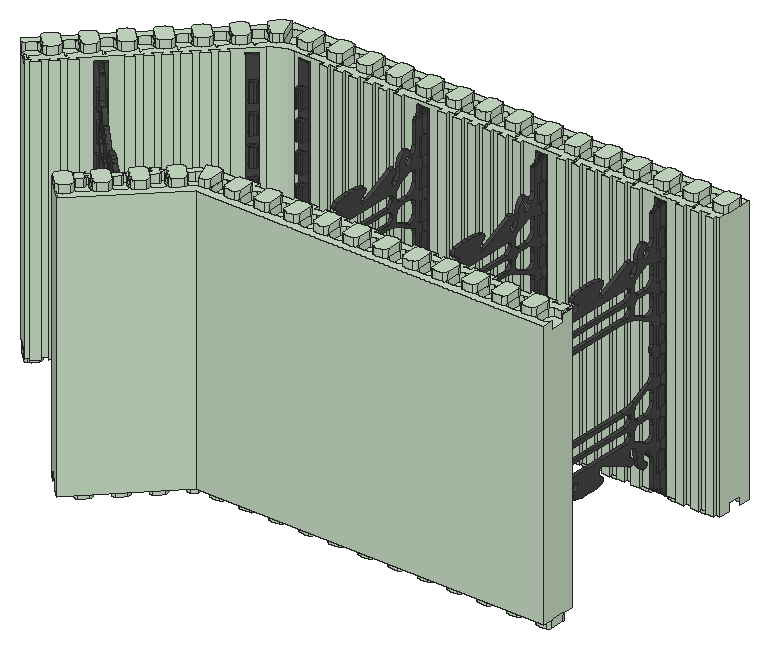
Revit family (continued)
Forms (in)
  Extrusion 47, void
    sketch origin (16.75736, -3, 0) x (-0.707107, -0.707107, 0) y (0.707107, -0.707107, 0)
      loop
        line (-1.62842, 8.55535) -> (-2.27978, 7.90399)
        arc (-2.27978, 7.90399) -> (-2.34995, 7.76615) -> (-2.32559, 7.6134) r 0.25
        arc (-2.32559, 7.6134) -> (-2.18471, 7.40379) -> (-1.99833, 7.23335) r 1.0625
        arc (-1.99833, 7.23335) -> (-1.97244, 7.18765) -> (-1.99053, 7.13835) r 0.0625
        line (-1.99053, 7.13835) -> (-2.14723, 6.98165) -> (-2.02643, 6.86086) -> (-1.78171, 7.10558)
        arc (-1.78171, 7.10558) -> (-1.76253, 7.11866) -> (-1.7399, 7.12384) r 0.0625
        arc (-1.7399, 7.12384) -> (-1.64938, 7.14456) -> (-1.57267, 7.19688) r 0.25
        line (-1.57267, 7.19688) -> (-0.92131, 7.84824)
        arc (-0.92131, 7.84824) -> (-0.85114, 7.98608) -> (-0.87549, 8.13883) r 0.25
        arc (-0.87549, 8.13883) -> (-1.07021, 8.40645) -> (-1.33783, 8.60117) r 1.0625
    from 0 to 0.5
  Extrusion 48, void
    sketch origin (18.75736, -3, 0) x (-0.707107, -0.707107, 0) y (0.707107, -0.707107, 0)
      loop
        arc (-1.33783, 8.60117) -> (-1.49058, 8.62552) -> (-1.62842, 8.55535) r 0.25
        line (-1.62842, 8.55535) -> (-2.27978, 7.90399)
        arc (-2.27978, 7.90399) -> (-2.34995, 7.76615) -> (-2.32559, 7.6134) r 0.25
        arc (-2.32559, 7.6134) -> (-2.18471, 7.40379) -> (-1.99833, 7.23335) r 1.0625
        arc (-1.99833, 7.23335) -> (-1.97244, 7.18765) -> (-1.99053, 7.13835) r 0.0625
        line (-1.99053, 7.13835) -> (-2.14723, 6.98165) -> (-2.02643, 6.86086) -> (-1.78171, 7.10558)
        arc (-1.78171, 7.10558) -> (-1.76253, 7.11866) -> (-1.7399, 7.12384) r 0.0625
        arc (-1.7399, 7.12384) -> (-1.64938, 7.14456) -> (-1.57267, 7.19688) r 0.25
        line (-1.57267, 7.19688) -> (-0.92131, 7.84824)
        arc (-0.92131, 7.84824) -> (-0.85114, 7.98608) -> (-0.87549, 8.13883) r 0.25
        arc (-0.87549, 8.13883) -> (-1.07021, 8.40645) -> (-1.33783, 8.60117) r 1.0625
    from 0 to 0.5
  Extrusion 49, void
    sketch origin (29.15938, 3, 0) x (0.707107, 0.707107, 0) y (-0.707107, 0.707107, 0)
      loop
        arc (-1.33783, 8.60117) -> (-1.49058, 8.62552) -> (-1.62842, 8.55535) r 0.25
        line (-1.62842, 8.55535) -> (-2.27978, 7.90399)
        arc (-2.27978, 7.90399) -> (-2.34995, 7.76615) -> (-2.32559, 7.6134) r 0.25
        arc (-2.32559, 7.6134) -> (-2.18471, 7.40379) -> (-1.99833, 7.23335) r 1.0625
        arc (-1.99833, 7.23335) -> (-1.97244, 7.18765) -> (-1.99053, 7.13835) r 0.0625
        line (-1.99053, 7.13835) -> (-2.14723, 6.98165) -> (-2.02643, 6.86086) -> (-1.78171, 7.10558)
        arc (-1.78171, 7.10558) -> (-1.76253, 7.11866) -> (-1.7399, 7.12384) r 0.0625
        arc (-1.7399, 7.12384) -> (-1.64938, 7.14456) -> (-1.57267, 7.19688) r 0.25
        line (-1.57267, 7.19688) -> (-0.92131, 7.84824)
        arc (-0.92131, 7.84824) -> (-0.85114, 7.98608) -> (-0.87549, 8.13883) r 0.25
        arc (-0.87549, 8.13883) -> (-1.07021, 8.40645) -> (-1.33783, 8.60117) r 1.0625
    from 0 to 0.5
  Extrusion 50, void
    sketch origin (27.15938, 3, 0) x (0.707107, 0.707107, 0) y (-0.707107, 0.707107, 0)
      loop
        arc (-1.33783, 8.60117) -> (-1.49058, 8.62552) -> (-1.62842, 8.55535) r 0.25
        line (-1.62842, 8.55535) -> (-2.27978, 7.90399)
        arc (-2.27978, 7.90399) -> (-2.34995, 7.76615) -> (-2.32559, 7.6134) r 0.25
        arc (-2.32559, 7.6134) -> (-2.18471, 7.40379) -> (-1.99833, 7.23335) r 1.0625
        arc (-1.99833, 7.23335) -> (-1.97244, 7.18765) -> (-1.99053, 7.13835) r 0.0625
        line (-1.99053, 7.13835) -> (-2.14723, 6.98165) -> (-2.02643, 6.86086) -> (-1.78171, 7.10558)
        arc (-1.78171, 7.10558) -> (-1.76253, 7.11866) -> (-1.7399, 7.12384) r 0.0625
        arc (-1.7399, 7.12384) -> (-1.64938, 7.14456) -> (-1.57267, 7.19688) r 0.25
        line (-1.57267, 7.19688) -> (-0.92131, 7.84824)
        arc (-0.92131, 7.84824) -> (-0.85114, 7.98608) -> (-0.87549, 8.13883) r 0.25
        arc (-0.87549, 8.13883) -> (-1.07021, 8.40645) -> (-1.33783, 8.60117) r 1.0625
    from 0 to 0.5
  Extrusion 51, void
    sketch origin (25.15938, 3, 0) x (0.707107, 0.707107, 0) y (-0.707107, 0.707107, 0)
      loop
        arc (-1.33783, 8.60117) -> (-1.49058, 8.62552) -> (-1.62842, 8.55535) r 0.25
        line (-1.62842, 8.55535) -> (-2.27978, 7.90399)
        arc (-2.27978, 7.90399) -> (-2.34995, 7.76615) -> (-2.32559, 7.6134) r 0.25
        arc (-2.32559, 7.6134) -> (-2.18471, 7.40379) -> (-1.99833, 7.23335) r 1.0625
        arc (-1.99833, 7.23335) -> (-1.97244, 7.18765) -> (-1.99053, 7.13835) r 0.0625
        line (-1.99053, 7.13835) -> (-2.14723, 6.98165) -> (-2.02643, 6.86086) -> (-1.78171, 7.10558)
        arc (-1.78171, 7.10558) -> (-1.76253, 7.11866) -> (-1.7399, 7.12384) r 0.0625
        arc (-1.7399, 7.12384) -> (-1.64938, 7.14456) -> (-1.57267, 7.19688) r 0.25
        line (-1.57267, 7.19688) -> (-0.92131, 7.84824)
        arc (-0.92131, 7.84824) -> (-0.85114, 7.98608) -> (-0.87549, 8.13883) r 0.25
        arc (-0.87549, 8.13883) -> (-1.07021, 8.40645) -> (-1.33783, 8.60117) r 1.0625
    from 0 to 0.5
  Extrusion 52, void
    sketch origin (23.15938, 3, 0) x (0.707107, 0.707107, 0) y (-0.707107, 0.707107, 0)
      loop
        arc (-1.33783, 8.60117) -> (-1.49058, 8.62552) -> (-1.62842, 8.55535) r 0.25
        line (-1.62842, 8.55535) -> (-2.27978, 7.90399)
        arc (-2.27978, 7.90399) -> (-2.34995, 7.76615) -> (-2.32559, 7.6134) r 0.25
        arc (-2.32559, 7.6134) -> (-2.18471, 7.40379) -> (-1.99833, 7.23335) r 1.0625
        arc (-1.99833, 7.23335) -> (-1.97244, 7.18765) -> (-1.99053, 7.13835) r 0.0625
        line (-1.99053, 7.13835) -> (-2.14723, 6.98165) -> (-2.02643, 6.86086) -> (-1.78171, 7.10558)
        arc (-1.78171, 7.10558) -> (-1.76253, 7.11866) -> (-1.7399, 7.12384) r 0.0625
        arc (-1.7399, 7.12384) -> (-1.64938, 7.14456) -> (-1.57267, 7.19688) r 0.25
        line (-1.57267, 7.19688) -> (-0.92131, 7.84824)
        arc (-0.92131, 7.84824) -> (-0.85114, 7.98608) -> (-0.87549, 8.13883) r 0.25
        arc (-0.87549, 8.13883) -> (-1.07021, 8.40645) -> (-1.33783, 8.60117) r 1.0625
    from 0 to 0.5
  Extrusion 53, void
    sketch origin (21.15938, 3, 0) x (0.707107, 0.707107, 0) y (-0.707107, 0.707107, 0)
      loop
        arc (-1.33783, 8.60117) -> (-1.49058, 8.62552) -> (-1.62842, 8.55535) r 0.25
        line (-1.62842, 8.55535) -> (-2.27978, 7.90399)
        arc (-2.27978, 7.90399) -> (-2.34995, 7.76615) -> (-2.32559, 7.6134) r 0.25
        arc (-2.32559, 7.6134) -> (-2.18471, 7.40379) -> (-1.99833, 7.23335) r 1.0625
        arc (-1.99833, 7.23335) -> (-1.97244, 7.18765) -> (-1.99053, 7.13835) r 0.0625
        line (-1.99053, 7.13835) -> (-2.14723, 6.98165) -> (-2.02643, 6.86086) -> (-1.78171, 7.10558)
        arc (-1.78171, 7.10558) -> (-1.76253, 7.11866) -> (-1.7399, 7.12384) r 0.0625
        arc (-1.7399, 7.12384) -> (-1.64938, 7.14456) -> (-1.57267, 7.19688) r 0.25
        line (-1.57267, 7.19688) -> (-0.92131, 7.84824)
        arc (-0.92131, 7.84824) -> (-0.85114, 7.98608) -> (-0.87549, 8.13883) r 0.25
        arc (-0.87549, 8.13883) -> (-1.07021, 8.40645) -> (-1.33783, 8.60117) r 1.0625
    from 0 to 0.5
  Extrusion 54, void
    sketch origin (19.15938, 3, 0) x (0.707107, 0.707107, 0) y (-0.707107, 0.707107, 0)
      loop
        arc (-1.33783, 8.60117) -> (-1.49058, 8.62552) -> (-1.62842, 8.55535) r 0.25
        line (-1.62842, 8.55535) -> (-2.27978, 7.90399)
        arc (-2.27978, 7.90399) -> (-2.34995, 7.76615) -> (-2.32559, 7.6134) r 0.25
        arc (-2.32559, 7.6134) -> (-2.18471, 7.40379) -> (-1.99833, 7.23335) r 1.0625
        arc (-1.99833, 7.23335) -> (-1.97244, 7.18765) -> (-1.99053, 7.13835) r 0.0625
        line (-1.99053, 7.13835) -> (-2.14723, 6.98165) -> (-2.02643, 6.86086) -> (-1.78171, 7.10558)
        arc (-1.78171, 7.10558) -> (-1.76253, 7.11866) -> (-1.7399, 7.12384) r 0.0625
        arc (-1.7399, 7.12384) -> (-1.64938, 7.14456) -> (-1.57267, 7.19688) r 0.25
        line (-1.57267, 7.19688) -> (-0.92131, 7.84824)
        arc (-0.92131, 7.84824) -> (-0.85114, 7.98608) -> (-0.87549, 8.13883) r 0.25
        arc (-0.87549, 8.13883) -> (-1.07021, 8.40645) -> (-1.33783, 8.60117) r 1.0625
    from 0 to 0.5
  Extrusion 55, void
    sketch origin (17.15938, 3, 0) x (0.707107, 0.707107, 0) y (-0.707107, 0.707107, 0)
      loop
        arc (-1.33783, 8.60117) -> (-1.49058, 8.62552) -> (-1.62842, 8.55535) r 0.25
        line (-1.62842, 8.55535) -> (-2.27978, 7.90399)
        arc (-2.27978, 7.90399) -> (-2.34995, 7.76615) -> (-2.32559, 7.6134) r 0.25
        arc (-2.32559, 7.6134) -> (-2.18471, 7.40379) -> (-1.99833, 7.23335) r 1.0625
        arc (-1.99833, 7.23335) -> (-1.97244, 7.18765) -> (-1.99053, 7.13835) r 0.0625
        line (-1.99053, 7.13835) -> (-2.14723, 6.98165) -> (-2.02643, 6.86086) -> (-1.78171, 7.10558)
        arc (-1.78171, 7.10558) -> (-1.76253, 7.11866) -> (-1.7399, 7.12384) r 0.0625
        arc (-1.7399, 7.12384) -> (-1.64938, 7.14456) -> (-1.57267, 7.19688) r 0.25
        line (-1.57267, 7.19688) -> (-0.92131, 7.84824)
        arc (-0.92131, 7.84824) -> (-0.85114, 7.98608) -> (-0.87549, 8.13883) r 0.25
        arc (-0.87549, 8.13883) -> (-1.07021, 8.40645) -> (-1.33783, 8.60117) r 1.0625
    from 0 to 0.5
  Extrusion 56, void
    sketch origin (15.15938, 3, 0) x (0.707107, 0.707107, 0) y (-0.707107, 0.707107, 0)
      loop
        arc (-1.33783, 8.60117) -> (-1.49058, 8.62552) -> (-1.62842, 8.55535) r 0.25
        line (-1.62842, 8.55535) -> (-2.27978, 7.90399)
        arc (-2.27978, 7.90399) -> (-2.34995, 7.76615) -> (-2.32559, 7.6134) r 0.25
        arc (-2.32559, 7.6134) -> (-2.18471, 7.40379) -> (-1.99833, 7.23335) r 1.0625
        arc (-1.99833, 7.23335) -> (-1.97244, 7.18765) -> (-1.99053, 7.13835) r 0.0625
        line (-1.99053, 7.13835) -> (-2.14723, 6.98165) -> (-2.02643, 6.86086) -> (-1.78171, 7.10558)
        arc (-1.78171, 7.10558) -> (-1.76253, 7.11866) -> (-1.7399, 7.12384) r 0.0625
        arc (-1.7399, 7.12384) -> (-1.64938, 7.14456) -> (-1.57267, 7.19688) r 0.25
        line (-1.57267, 7.19688) -> (-0.92131, 7.84824)
        arc (-0.92131, 7.84824) -> (-0.85114, 7.98608) -> (-0.87549, 8.13883) r 0.25
        arc (-0.87549, 8.13883) -> (-1.07021, 8.40645) -> (-1.33783, 8.60117) r 1.0625
    from 0 to 0.5
  Extrusion 57, void
    sketch origin (13.15938, 3, 0) x (0.707107, 0.707107, 0) y (-0.707107, 0.707107, 0)
      loop
        arc (-1.33783, 8.60117) -> (-1.49058, 8.62552) -> (-1.62842, 8.55535) r 0.25
        line (-1.62842, 8.55535) -> (-2.27978, 7.90399)
        arc (-2.27978, 7.90399) -> (-2.34995, 7.76615) -> (-2.32559, 7.6134) r 0.25
        arc (-2.32559, 7.6134) -> (-2.18471, 7.40379) -> (-1.99833, 7.23335) r 1.0625
        arc (-1.99833, 7.23335) -> (-1.97244, 7.18765) -> (-1.99053, 7.13835) r 0.0625
        line (-1.99053, 7.13835) -> (-2.14723, 6.98165) -> (-2.02643, 6.86086) -> (-1.78171, 7.10558)
        arc (-1.78171, 7.10558) -> (-1.76253, 7.11866) -> (-1.7399, 7.12384) r 0.0625
        arc (-1.7399, 7.12384) -> (-1.64938, 7.14456) -> (-1.57267, 7.19688) r 0.25
        line (-1.57267, 7.19688) -> (-0.92131, 7.84824)
        arc (-0.92131, 7.84824) -> (-0.85114, 7.98608) -> (-0.87549, 8.13883) r 0.25
        arc (-0.87549, 8.13883) -> (-1.07021, 8.40645) -> (-1.33783, 8.60117) r 1.0625
    from 0 to 0.5
  Extrusion 58, void
    sketch origin (11.15938, 3, 0) x (0.707107, 0.707107, 0) y (-0.707107, 0.707107, 0)
      loop
        arc (-1.33783, 8.60117) -> (-1.49058, 8.62552) -> (-1.62842, 8.55535) r 0.25
        line (-1.62842, 8.55535) -> (-2.27978, 7.90399)
        arc (-2.27978, 7.90399) -> (-2.34995, 7.76615) -> (-2.32559, 7.6134) r 0.25
        arc (-2.32559, 7.6134) -> (-2.18471, 7.40379) -> (-1.99833, 7.23335) r 1.0625
        arc (-1.99833, 7.23335) -> (-1.97244, 7.18765) -> (-1.99053, 7.13835) r 0.0625
        line (-1.99053, 7.13835) -> (-2.14723, 6.98165) -> (-2.02643, 6.86086) -> (-1.78171, 7.10558)
        arc (-1.78171, 7.10558) -> (-1.76253, 7.11866) -> (-1.7399, 7.12384) r 0.0625
        arc (-1.7399, 7.12384) -> (-1.64938, 7.14456) -> (-1.57267, 7.19688) r 0.25
        line (-1.57267, 7.19688) -> (-0.92131, 7.84824)
        arc (-0.92131, 7.84824) -> (-0.85114, 7.98608) -> (-0.87549, 8.13883) r 0.25
        arc (-0.87549, 8.13883) -> (-1.07021, 8.40645) -> (-1.33783, 8.60117) r 1.0625
    from 0 to 0.5
  Extrusion 59, void
    sketch origin (9.15938, 3, 0) x (0.707107, 0.707107, 0) y (-0.707107, 0.707107, 0)
      loop
        arc (-1.33783, 8.60117) -> (-1.49058, 8.62552) -> (-1.62842, 8.55535) r 0.25
        line (-1.62842, 8.55535) -> (-2.27978, 7.90399)
        arc (-2.27978, 7.90399) -> (-2.34995, 7.76615) -> (-2.32559, 7.6134) r 0.25
        arc (-2.32559, 7.6134) -> (-2.18471, 7.40379) -> (-1.99833, 7.23335) r 1.0625
        arc (-1.99833, 7.23335) -> (-1.97244, 7.18765) -> (-1.99053, 7.13835) r 0.0625
        line (-1.99053, 7.13835) -> (-2.14723, 6.98165) -> (-2.02643, 6.86086) -> (-1.78171, 7.10558)
        arc (-1.78171, 7.10558) -> (-1.76253, 7.11866) -> (-1.7399, 7.12384) r 0.0625
        arc (-1.7399, 7.12384) -> (-1.64938, 7.14456) -> (-1.57267, 7.19688) r 0.25
        line (-1.57267, 7.19688) -> (-0.92131, 7.84824)
        arc (-0.92131, 7.84824) -> (-0.85114, 7.98608) -> (-0.87549, 8.13883) r 0.25
        arc (-0.87549, 8.13883) -> (-1.07021, 8.40645) -> (-1.33783, 8.60117) r 1.0625
    from 0 to 0.5
  Extrusion 60, void
    sketch origin (7.15938, 3, 0) x (0.707107, 0.707107, 0) y (-0.707107, 0.707107, 0)
      loop
        arc (-1.33783, 8.60117) -> (-1.49058, 8.62552) -> (-1.62842, 8.55535) r 0.25
        line (-1.62842, 8.55535) -> (-2.27978, 7.90399)
        arc (-2.27978, 7.90399) -> (-2.34995, 7.76615) -> (-2.32559, 7.6134) r 0.25
        arc (-2.32559, 7.6134) -> (-2.18471, 7.40379) -> (-1.99833, 7.23335) r 1.0625
        arc (-1.99833, 7.23335) -> (-1.97244, 7.18765) -> (-1.99053, 7.13835) r 0.0625
        line (-1.99053, 7.13835) -> (-2.14723, 6.98165) -> (-2.02643, 6.86086) -> (-1.78171, 7.10558)
        arc (-1.78171, 7.10558) -> (-1.76253, 7.11866) -> (-1.7399, 7.12384) r 0.0625
        arc (-1.7399, 7.12384) -> (-1.64938, 7.14456) -> (-1.57267, 7.19688) r 0.25
        line (-1.57267, 7.19688) -> (-0.92131, 7.84824)
        arc (-0.92131, 7.84824) -> (-0.85114, 7.98608) -> (-0.87549, 8.13883) r 0.25
        arc (-0.87549, 8.13883) -> (-1.07021, 8.40645) -> (-1.33783, 8.60117) r 1.0625
    from 0 to 0.5
  Extrusion 61, void
    sketch origin (5.15938, 3, 0) x (0.707107, 0.707107, 0) y (-0.707107, 0.707107, 0)
      loop
        arc (-1.33783, 8.60117) -> (-1.49058, 8.62552) -> (-1.62842, 8.55535) r 0.25
        line (-1.62842, 8.55535) -> (-2.27978, 7.90399)
        arc (-2.27978, 7.90399) -> (-2.34995, 7.76615) -> (-2.32559, 7.6134) r 0.25
        arc (-2.32559, 7.6134) -> (-2.18471, 7.40379) -> (-1.99833, 7.23335) r 1.0625
        arc (-1.99833, 7.23335) -> (-1.97244, 7.18765) -> (-1.99053, 7.13835) r 0.0625
        line (-1.99053, 7.13835) -> (-2.14723, 6.98165) -> (-2.02643, 6.86086) -> (-1.78171, 7.10558)
        arc (-1.78171, 7.10558) -> (-1.76253, 7.11866) -> (-1.7399, 7.12384) r 0.0625
        arc (-1.7399, 7.12384) -> (-1.64938, 7.14456) -> (-1.57267, 7.19688) r 0.25
        line (-1.57267, 7.19688) -> (-0.92131, 7.84824)
        arc (-0.92131, 7.84824) -> (-0.85114, 7.98608) -> (-0.87549, 8.13883) r 0.25
        arc (-0.87549, 8.13883) -> (-1.07021, 8.40645) -> (-1.33783, 8.60117) r 1.0625
    from 0 to 0.5
  Extrusion 62, void
    sketch origin (3, 7.24264, 0) x (0, 1, 0) y (-1, 0, 0)
      loop
        arc (-1.33783, 8.60117) -> (-1.49058, 8.62552) -> (-1.62842, 8.55535) r 0.25
        line (-1.62842, 8.55535) -> (-2.27978, 7.90399)
        arc (-2.27978, 7.90399) -> (-2.34995, 7.76615) -> (-2.32559, 7.6134) r 0.25
        arc (-2.32559, 7.6134) -> (-2.18471, 7.40379) -> (-1.99833, 7.23335) r 1.0625
        arc (-1.99833, 7.23335) -> (-1.97244, 7.18765) -> (-1.99053, 7.13835) r 0.0625
        line (-1.99053, 7.13835) -> (-2.14723, 6.98165) -> (-2.02643, 6.86086) -> (-1.78171, 7.10558)
        arc (-1.78171, 7.10558) -> (-1.76253, 7.11866) -> (-1.7399, 7.12384) r 0.0625
        arc (-1.7399, 7.12384) -> (-1.64938, 7.14456) -> (-1.57267, 7.19688) r 0.25
        line (-1.57267, 7.19688) -> (-0.92131, 7.84824)
        arc (-0.92131, 7.84824) -> (-0.85114, 7.98608) -> (-0.87549, 8.13883) r 0.25
        arc (-0.87549, 8.13883) -> (-1.07021, 8.40645) -> (-1.33783, 8.60117) r 1.0625
    from 0 to 0.5
  Extrusion 63, void
    sketch origin (1.58579, 5.82843, 0) x (0, 1, 0) y (-1, 0, 0)
      loop
        arc (-1.33783, 8.60117) -> (-1.49058, 8.62552) -> (-1.62842, 8.55535) r 0.25
        line (-1.62842, 8.55535) -> (-2.27978, 7.90399)
        arc (-2.27978, 7.90399) -> (-2.34995, 7.76615) -> (-2.32559, 7.6134) r 0.25
        arc (-2.32559, 7.6134) -> (-2.18471, 7.40379) -> (-1.99833, 7.23335) r 1.0625
        arc (-1.99833, 7.23335) -> (-1.97244, 7.18765) -> (-1.99053, 7.13835) r 0.0625
        line (-1.99053, 7.13835) -> (-2.14723, 6.98165) -> (-2.02643, 6.86086) -> (-1.78171, 7.10558)
        arc (-1.78171, 7.10558) -> (-1.76253, 7.11866) -> (-1.7399, 7.12384) r 0.0625
        arc (-1.7399, 7.12384) -> (-1.64938, 7.14456) -> (-1.57267, 7.19688) r 0.25
        line (-1.57267, 7.19688) -> (-0.92131, 7.84824)
        arc (-0.92131, 7.84824) -> (-0.85114, 7.98608) -> (-0.87549, 8.13883) r 0.25
        arc (-0.87549, 8.13883) -> (-1.07021, 8.40645) -> (-1.33783, 8.60117) r 1.0625
    from 0 to 0.5
  Extrusion 64, void
    sketch origin (0.17157, 4.41421, 0) x (0, 1, 0) y (-1, 0, 0)
      loop
        arc (-1.33783, 8.60117) -> (-1.49058, 8.62552) -> (-1.62842, 8.55535) r 0.25
        line (-1.62842, 8.55535) -> (-2.27978, 7.90399)
        arc (-2.27978, 7.90399) -> (-2.34995, 7.76615) -> (-2.32559, 7.6134) r 0.25
        arc (-2.32559, 7.6134) -> (-2.18471, 7.40379) -> (-1.99833, 7.23335) r 1.0625
        arc (-1.99833, 7.23335) -> (-1.97244, 7.18765) -> (-1.99053, 7.13835) r 0.0625
        line (-1.99053, 7.13835) -> (-2.14723, 6.98165) -> (-2.02643, 6.86086) -> (-1.78171, 7.10558)
        arc (-1.78171, 7.10558) -> (-1.76253, 7.11866) -> (-1.7399, 7.12384) r 0.0625
        arc (-1.7399, 7.12384) -> (-1.64938, 7.14456) -> (-1.57267, 7.19688) r 0.25
        line (-1.57267, 7.19688) -> (-0.92131, 7.84824)
        arc (-0.92131, 7.84824) -> (-0.85114, 7.98608) -> (-0.87549, 8.13883) r 0.25
        arc (-0.87549, 8.13883) -> (-1.07021, 8.40645) -> (-1.33783, 8.60117) r 1.0625
    from 0 to 0.5
  Extrusion 65, void
    sketch origin (-1.24264, 3, 0) x (0, 1, 0) y (-1, 0, 0)
      loop
        arc (-1.33783, 8.60117) -> (-1.49058, 8.62552) -> (-1.62842, 8.55535) r 0.25
        line (-1.62842, 8.55535) -> (-2.27978, 7.90399)
        arc (-2.27978, 7.90399) -> (-2.34995, 7.76615) -> (-2.32559, 7.6134) r 0.25
        arc (-2.32559, 7.6134) -> (-2.18471, 7.40379) -> (-1.99833, 7.23335) r 1.0625
        arc (-1.99833, 7.23335) -> (-1.97244, 7.18765) -> (-1.99053, 7.13835) r 0.0625
        line (-1.99053, 7.13835) -> (-2.14723, 6.98165) -> (-2.02643, 6.86086) -> (-1.78171, 7.10558)
        arc (-1.78171, 7.10558) -> (-1.76253, 7.11866) -> (-1.7399, 7.12384) r 0.0625
        arc (-1.7399, 7.12384) -> (-1.64938, 7.14456) -> (-1.57267, 7.19688) r 0.25
        line (-1.57267, 7.19688) -> (-0.92131, 7.84824)
        arc (-0.92131, 7.84824) -> (-0.85114, 7.98608) -> (-0.87549, 8.13883) r 0.25
        arc (-0.87549, 8.13883) -> (-1.07021, 8.40645) -> (-1.33783, 8.60117) r 1.0625
    from 0 to 0.5
  Extrusion 66, void
    sketch origin (16.75736, 3, 0) x (-0.707107, 0.707107, 0) y (-0.707107, -0.707107, 0)
      loop
        arc (-1.33783, -8.60117) -> (-1.07021, -8.40645) -> (-0.87549, -8.13883) r 1.0625
        arc (-0.87549, -8.13883) -> (-0.85114, -7.98608) -> (-0.92131, -7.84824) r 0.25
        line (-0.92131, -7.84824) -> (-1.57267, -7.19688)
        arc (-1.57267, -7.19688) -> (-1.64938, -7.14456) -> (-1.7399, -7.12384) r 0.25
        arc (-1.7399, -7.12384) -> (-1.76253, -7.11866) -> (-1.78171, -7.10558) r 0.0625
        line (-1.78171, -7.10558) -> (-2.02643, -6.86086) -> (-2.14723, -6.98165) -> (-1.99053, -7.13835)
        arc (-1.99053, -7.13835) -> (-1.97244, -7.18765) -> (-1.99833, -7.23335) r 0.0625
        arc (-1.99833, -7.23335) -> (-2.18471, -7.40379) -> (-2.32559, -7.6134) r 1.0625
        arc (-2.32559, -7.6134) -> (-2.34995, -7.76615) -> (-2.27978, -7.90399) r 0.25
        line (-2.27978, -7.90399) -> (-1.62842, -8.55535)
        arc (-1.62842, -8.55535) -> (-1.49058, -8.62552) -> (-1.33783, -8.60117) r 0.25
    from 18 to 17.5
  Extrusion 67, void
    sketch origin (31.15938, 3, 0) x (0.707107, 0.707107, 0) y (-0.707107, 0.707107, 0)
      loop
        arc (-1.33783, 8.60117) -> (-1.49058, 8.62552) -> (-1.62842, 8.55535) r 0.25
        line (-1.62842, 8.55535) -> (-2.27978, 7.90399)
        arc (-2.27978, 7.90399) -> (-2.34995, 7.76615) -> (-2.32559, 7.6134) r 0.25
        arc (-2.32559, 7.6134) -> (-2.18471, 7.40379) -> (-1.99833, 7.23335) r 1.0625
        arc (-1.99833, 7.23335) -> (-1.97244, 7.18765) -> (-1.99053, 7.13835) r 0.0625
        line (-1.99053, 7.13835) -> (-2.14723, 6.98165) -> (-2.02643, 6.86086) -> (-1.78171, 7.10558)
        arc (-1.78171, 7.10558) -> (-1.76253, 7.11866) -> (-1.7399, 7.12384) r 0.0625
        arc (-1.7399, 7.12384) -> (-1.64938, 7.14456) -> (-1.57267, 7.19688) r 0.25
        line (-1.57267, 7.19688) -> (-0.92131, 7.84824)
        arc (-0.92131, 7.84824) -> (-0.85114, 7.98608) -> (-0.87549, 8.13883) r 0.25
        arc (-0.87549, 8.13883) -> (-1.07021, 8.40645) -> (-1.33783, 8.60117) r 1.0625
    from 0 to 0.5
  Extrusion 68, void
    sketch origin (-12.84062, -8.59798, 0) x (-1, 0, 0) y (0, -1, 0)
      loop
        arc (-1.33783, -8.60117) -> (-1.07021, -8.40645) -> (-0.87549, -8.13883) r 1.0625
        arc (-0.87549, -8.13883) -> (-0.85114, -7.98608) -> (-0.92131, -7.84824) r 0.25
        line (-0.92131, -7.84824) -> (-1.57267, -7.19688)
        arc (-1.57267, -7.19688) -> (-1.64938, -7.14456) -> (-1.7399, -7.12384) r 0.25
        arc (-1.7399, -7.12384) -> (-1.76253, -7.11866) -> (-1.78171, -7.10558) r 0.0625
        line (-1.78171, -7.10558) -> (-2.02643, -6.86086) -> (-2.14723, -6.98165) -> (-1.99053, -7.13835)
        arc (-1.99053, -7.13835) -> (-1.97244, -7.18765) -> (-1.99833, -7.23335) r 0.0625
        arc (-1.99833, -7.23335) -> (-2.18471, -7.40379) -> (-2.32559, -7.6134) r 1.0625
        arc (-2.32559, -7.6134) -> (-2.34995, -7.76615) -> (-2.27978, -7.90399) r 0.25
        line (-2.27978, -7.90399) -> (-1.62842, -8.55535)
        arc (-1.62842, -8.55535) -> (-1.49058, -8.62552) -> (-1.33783, -8.60117) r 0.25
    from 18 to 17.5
  Extrusion 69, void
    sketch origin (-2.65685, 1.58579, 0) x (0, 1, 0) y (-1, 0, 0)
      loop
        arc (-1.33783, 8.60117) -> (-1.49058, 8.62552) -> (-1.62842, 8.55535) r 0.25
        line (-1.62842, 8.55535) -> (-2.27978, 7.90399)
        arc (-2.27978, 7.90399) -> (-2.34995, 7.76615) -> (-2.32559, 7.6134) r 0.25
        arc (-2.32559, 7.6134) -> (-2.18471, 7.40379) -> (-1.99833, 7.23335) r 1.0625
        arc (-1.99833, 7.23335) -> (-1.97244, 7.18765) -> (-1.99053, 7.13835) r 0.0625
        line (-1.99053, 7.13835) -> (-2.14723, 6.98165) -> (-2.02643, 6.86086) -> (-1.78171, 7.10558)
        arc (-1.78171, 7.10558) -> (-1.76253, 7.11866) -> (-1.7399, 7.12384) r 0.0625
        arc (-1.7399, 7.12384) -> (-1.64938, 7.14456) -> (-1.57267, 7.19688) r 0.25
        line (-1.57267, 7.19688) -> (-0.92131, 7.84824)
        arc (-0.92131, 7.84824) -> (-0.85114, 7.98608) -> (-0.87549, 8.13883) r 0.25
        arc (-0.87549, 8.13883) -> (-1.07021, 8.40645) -> (-1.33783, 8.60117) r 1.0625
    from 0 to 0.5
  Extrusion 70, void
    sketch origin (-1.24264, -3, 0) x (-0.707107, -0.707107, 0) y (0.707107, -0.707107, 0)
      loop
        arc (-1.33783, 8.60117) -> (-1.49058, 8.62552) -> (-1.62842, 8.55535) r 0.25
        line (-1.62842, 8.55535) -> (-2.27978, 7.90399)
        arc (-2.27978, 7.90399) -> (-2.34995, 7.76615) -> (-2.32559, 7.6134) r 0.25
        arc (-2.32559, 7.6134) -> (-2.18471, 7.40379) -> (-1.99833, 7.23335) r 1.0625
        arc (-1.99833, 7.23335) -> (-1.97244, 7.18765) -> (-1.99053, 7.13835) r 0.0625
        line (-1.99053, 7.13835) -> (-2.14723, 6.98165) -> (-2.02643, 6.86086) -> (-1.78171, 7.10558)
        arc (-1.78171, 7.10558) -> (-1.76253, 7.11866) -> (-1.7399, 7.12384) r 0.0625
        arc (-1.7399, 7.12384) -> (-1.64938, 7.14456) -> (-1.57267, 7.19688) r 0.25
        line (-1.57267, 7.19688) -> (-0.92131, 7.84824)
        arc (-0.92131, 7.84824) -> (-0.85114, 7.98608) -> (-0.87549, 8.13883) r 0.25
        arc (-0.87549, 8.13883) -> (-1.07021, 8.40645) -> (-1.33783, 8.60117) r 1.0625
    from 0 to 0.5
  Extrusion 71, void
    sketch origin (0.15933, -4.05883, 0) x (1, 0, 0) y (0, 1, 0)
      loop
        arc (-1.33783, -8.60117) -> (-1.07021, -8.40645) -> (-0.87549, -8.13883) r 1.0625
        arc (-0.87549, -8.13883) -> (-0.85114, -7.98608) -> (-0.92131, -7.84824) r 0.25
        line (-0.92131, -7.84824) -> (-1.57267, -7.19688)
        arc (-1.57267, -7.19688) -> (-1.64938, -7.14456) -> (-1.7399, -7.12384) r 0.25
        arc (-1.7399, -7.12384) -> (-1.76253, -7.11866) -> (-1.78171, -7.10558) r 0.0625
        line (-1.78171, -7.10558) -> (-2.02643, -6.86086) -> (-2.14723, -6.98165) -> (-1.99053, -7.13835)
        arc (-1.99053, -7.13835) -> (-1.97244, -7.18765) -> (-1.99833, -7.23335) r 0.0625
        arc (-1.99833, -7.23335) -> (-2.18471, -7.40379) -> (-2.32559, -7.6134) r 1.0625
        arc (-2.32559, -7.6134) -> (-2.34995, -7.76615) -> (-2.27978, -7.90399) r 0.25
        line (-2.27978, -7.90399) -> (-1.62842, -8.55535)
        arc (-1.62842, -8.55535) -> (-1.49058, -8.62552) -> (-1.33783, -8.60117) r 0.25
    from 18 to 17.5
  Extrusion 72, void
    sketch origin (18.75736, 3, 0) x (-0.707107, 0.707107, 0) y (-0.707107, -0.707107, 0)
      loop
        arc (-1.33783, -8.60117) -> (-1.07021, -8.40645) -> (-0.87549, -8.13883) r 1.0625
        arc (-0.87549, -8.13883) -> (-0.85114, -7.98608) -> (-0.92131, -7.84824) r 0.25
        line (-0.92131, -7.84824) -> (-1.57267, -7.19688)
        arc (-1.57267, -7.19688) -> (-1.64938, -7.14456) -> (-1.7399, -7.12384) r 0.25
        arc (-1.7399, -7.12384) -> (-1.76253, -7.11866) -> (-1.78171, -7.10558) r 0.0625
        line (-1.78171, -7.10558) -> (-2.02643, -6.86086) -> (-2.14723, -6.98165) -> (-1.99053, -7.13835)
        arc (-1.99053, -7.13835) -> (-1.97244, -7.18765) -> (-1.99833, -7.23335) r 0.0625
        arc (-1.99833, -7.23335) -> (-2.18471, -7.40379) -> (-2.32559, -7.6134) r 1.0625
        arc (-2.32559, -7.6134) -> (-2.34995, -7.76615) -> (-2.27978, -7.90399) r 0.25
        line (-2.27978, -7.90399) -> (-1.62842, -8.55535)
        arc (-1.62842, -8.55535) -> (-1.49058, -8.62552) -> (-1.33783, -8.60117) r 0.25
    from 18 to 17.5
  Extrusion 73, void
    sketch origin (33.15938, 3, 0) x (0.707107, 0.707107, 0) y (-0.707107, 0.707107, 0)
      loop
        arc (-1.33783, 8.60117) -> (-1.49058, 8.62552) -> (-1.62842, 8.55535) r 0.25
        line (-1.62842, 8.55535) -> (-2.27978, 7.90399)
        arc (-2.27978, 7.90399) -> (-2.34995, 7.76615) -> (-2.32559, 7.6134) r 0.25
        arc (-2.32559, 7.6134) -> (-2.18471, 7.40379) -> (-1.99833, 7.23335) r 1.0625
        arc (-1.99833, 7.23335) -> (-1.97244, 7.18765) -> (-1.99053, 7.13835) r 0.0625
        line (-1.99053, 7.13835) -> (-2.14723, 6.98165) -> (-2.02643, 6.86086) -> (-1.78171, 7.10558)
        arc (-1.78171, 7.10558) -> (-1.76253, 7.11866) -> (-1.7399, 7.12384) r 0.0625
        arc (-1.7399, 7.12384) -> (-1.64938, 7.14456) -> (-1.57267, 7.19688) r 0.25
        line (-1.57267, 7.19688) -> (-0.92131, 7.84824)
        arc (-0.92131, 7.84824) -> (-0.85114, 7.98608) -> (-0.87549, 8.13883) r 0.25
        arc (-0.87549, 8.13883) -> (-1.07021, 8.40645) -> (-1.33783, 8.60117) r 1.0625
    from 0 to 0.5
  Extrusion 74, void
    sketch origin (-14.25483, -10.01219, 0) x (-1, 0, 0) y (0, -1, 0)
      loop
        arc (-1.33783, -8.60117) -> (-1.07021, -8.40645) -> (-0.87549, -8.13883) r 1.0625
        arc (-0.87549, -8.13883) -> (-0.85114, -7.98608) -> (-0.92131, -7.84824) r 0.25
        line (-0.92131, -7.84824) -> (-1.57267, -7.19688)
        arc (-1.57267, -7.19688) -> (-1.64938, -7.14456) -> (-1.7399, -7.12384) r 0.25
        arc (-1.7399, -7.12384) -> (-1.76253, -7.11866) -> (-1.78171, -7.10558) r 0.0625
        line (-1.78171, -7.10558) -> (-2.02643, -6.86086) -> (-2.14723, -6.98165) -> (-1.99053, -7.13835)
        arc (-1.99053, -7.13835) -> (-1.97244, -7.18765) -> (-1.99833, -7.23335) r 0.0625
        arc (-1.99833, -7.23335) -> (-2.18471, -7.40379) -> (-2.32559, -7.6134) r 1.0625
        arc (-2.32559, -7.6134) -> (-2.34995, -7.76615) -> (-2.27978, -7.90399) r 0.25
        line (-2.27978, -7.90399) -> (-1.62842, -8.55535)
        arc (-1.62842, -8.55535) -> (-1.49058, -8.62552) -> (-1.33783, -8.60117) r 0.25
    from 18 to 17.5
  Extrusion 75, void
    sketch origin (-4.07107, 0.17157, 0) x (0, 1, 0) y (-1, 0, 0)
      loop
        arc (-1.33783, 8.60117) -> (-1.49058, 8.62552) -> (-1.62842, 8.55535) r 0.25
        line (-1.62842, 8.55535) -> (-2.27978, 7.90399)
        arc (-2.27978, 7.90399) -> (-2.34995, 7.76615) -> (-2.32559, 7.6134) r 0.25
        arc (-2.32559, 7.6134) -> (-2.18471, 7.40379) -> (-1.99833, 7.23335) r 1.0625
        arc (-1.99833, 7.23335) -> (-1.97244, 7.18765) -> (-1.99053, 7.13835) r 0.0625
        line (-1.99053, 7.13835) -> (-2.14723, 6.98165) -> (-2.02643, 6.86086) -> (-1.78171, 7.10558)
        arc (-1.78171, 7.10558) -> (-1.76253, 7.11866) -> (-1.7399, 7.12384) r 0.0625
        arc (-1.7399, 7.12384) -> (-1.64938, 7.14456) -> (-1.57267, 7.19688) r 0.25
        line (-1.57267, 7.19688) -> (-0.92131, 7.84824)
        arc (-0.92131, 7.84824) -> (-0.85114, 7.98608) -> (-0.87549, 8.13883) r 0.25
        arc (-0.87549, 8.13883) -> (-1.07021, 8.40645) -> (-1.33783, 8.60117) r 1.0625
    from 0 to 0.5
  Extrusion 76, void
    sketch origin (-10.02443, -14.24259, 0) x (0, -1, 0) y (1, 0, 0)
      loop
        arc (-1.33783, 8.60117) -> (-1.49058, 8.62552) -> (-1.62842, 8.55535) r 0.25
        line (-1.62842, 8.55535) -> (-2.27978, 7.90399)
        arc (-2.27978, 7.90399) -> (-2.34995, 7.76615) -> (-2.32559, 7.6134) r 0.25
        arc (-2.32559, 7.6134) -> (-2.18471, 7.40379) -> (-1.99833, 7.23335) r 1.0625
        arc (-1.99833, 7.23335) -> (-1.97244, 7.18765) -> (-1.99053, 7.13835) r 0.0625
        line (-1.99053, 7.13835) -> (-2.14723, 6.98165) -> (-2.02643, 6.86086) -> (-1.78171, 7.10558)
        arc (-1.78171, 7.10558) -> (-1.76253, 7.11866) -> (-1.7399, 7.12384) r 0.0625
        arc (-1.7399, 7.12384) -> (-1.64938, 7.14456) -> (-1.57267, 7.19688) r 0.25
        line (-1.57267, 7.19688) -> (-0.92131, 7.84824)
        arc (-0.92131, 7.84824) -> (-0.85114, 7.98608) -> (-0.87549, 8.13883) r 0.25
        arc (-0.87549, 8.13883) -> (-1.07021, 8.40645) -> (-1.33783, 8.60117) r 1.0625
    from 0 to 0.5
  Extrusion 77, void
    sketch origin (11.15938, -3, 0) x (0.707107, -0.707107, 0) y (0.707107, 0.707107, 0)
      loop
        arc (-1.33783, -8.60117) -> (-1.07021, -8.40645) -> (-0.87549, -8.13883) r 1.0625
        arc (-0.87549, -8.13883) -> (-0.85114, -7.98608) -> (-0.92131, -7.84824) r 0.25
        line (-0.92131, -7.84824) -> (-1.57267, -7.19688)
        arc (-1.57267, -7.19688) -> (-1.64938, -7.14456) -> (-1.7399, -7.12384) r 0.25
        arc (-1.7399, -7.12384) -> (-1.76253, -7.11866) -> (-1.78171, -7.10558) r 0.0625
        line (-1.78171, -7.10558) -> (-2.02643, -6.86086) -> (-2.14723, -6.98165) -> (-1.99053, -7.13835)
        arc (-1.99053, -7.13835) -> (-1.97244, -7.18765) -> (-1.99833, -7.23335) r 0.0625
        arc (-1.99833, -7.23335) -> (-2.18471, -7.40379) -> (-2.32559, -7.6134) r 1.0625
        arc (-2.32559, -7.6134) -> (-2.34995, -7.76615) -> (-2.27978, -7.90399) r 0.25
        line (-2.27978, -7.90399) -> (-1.62842, -8.55535)
        arc (-1.62842, -8.55535) -> (-1.49058, -8.62552) -> (-1.33783, -8.60117) r 0.25
    from 18 to 17.5
  Extrusion 78, void
    sketch origin (-63.35977, 24.65249, 0) x (1, 0, 0) y (0, 1, 0)
      loop
        arc (65.43615, -32.08208) -> (65.41179, -32.23482) -> (65.48196, -32.37266) r 0.25
        line (65.48196, -32.37266) -> (66.13333, -33.02402)
        arc (66.13333, -33.02402) -> (66.27117, -33.0942) -> (66.42391, -33.06984) r 0.25
        arc (66.42391, -33.06984) -> (66.59541, -32.96027) -> (66.74287, -32.82001) r 1.0625
        line (66.74287, -32.82001) -> (66.17297, -31.44416)
        arc (66.17297, -31.44416) -> (65.89011, -31.59551) -> (65.64412, -31.80144) r 1.5625
        arc (65.64412, -31.80144) -> (65.52852, -31.93315) -> (65.43615, -32.08208) r 1.0625
    from 18 to 17.5
  Extrusion 79, void
    sketch origin (27.37018, 62.22899, 0) x (-0.707107, -0.707107, 0) y (0.707107, -0.707107, 0)
      loop
        arc (65.43615, 32.08208) -> (65.52852, 31.93315) -> (65.64412, 31.80144) r 1.0625
        arc (65.64412, 31.80144) -> (65.88931, 31.59605) -> (66.17118, 31.4449) r 1.5625
        line (66.17118, 31.4449) -> (66.74144, 32.82164)
        arc (66.74144, 32.82164) -> (66.59455, 32.96093) -> (66.42391, 33.06984) r 1.0625
        arc (66.42391, 33.06984) -> (66.27117, 33.0942) -> (66.13333, 33.02402) r 0.25
        line (66.13333, 33.02402) -> (65.48196, 32.37266)
        arc (65.48196, 32.37266) -> (65.41179, 32.23482) -> (65.43615, 32.08208) r 0.25
    from 0 to 0.5
  Extrusion 80, solid, material "NUDURA Expanded Polystyrene Foam Insulation"
    sketch origin (-63.35977, 24.65249, 0) x (1, 0, 0) y (0, 1, 0)
      loop
        arc (65.43615, -32.08208) -> (65.41179, -32.23482) -> (65.48196, -32.37266) r 0.25
        line (65.48196, -32.37266) -> (66.13333, -33.02402)
        arc (66.13333, -33.02402) -> (66.27117, -33.0942) -> (66.42391, -33.06984) r 0.25
        arc (66.42391, -33.06984) -> (66.59541, -32.96027) -> (66.74287, -32.82001) r 1.0625
        line (66.74287, -32.82001) -> (66.17297, -31.44416)
        arc (66.17297, -31.44416) -> (65.89011, -31.59551) -> (65.64412, -31.80144) r 1.5625
        arc (65.64412, -31.80144) -> (65.52852, -31.93315) -> (65.43615, -32.08208) r 1.0625
    from 0 to -0.5
  Extrusion 81, solid, material "NUDURA Expanded Polystyrene Foam Insulation"
    sketch origin (27.37018, 62.22899, 0) x (-0.707107, -0.707107, 0) y (0.707107, -0.707107, 0)
      loop
        arc (65.43615, 32.08208) -> (65.52852, 31.93315) -> (65.64412, 31.80144) r 1.0625
        arc (65.64412, 31.80144) -> (65.88931, 31.59605) -> (66.17118, 31.4449) r 1.5625
        line (66.17118, 31.4449) -> (66.74144, 32.82164)
        arc (66.74144, 32.82164) -> (66.59455, 32.96093) -> (66.42391, 33.06984) r 1.0625
        arc (66.42391, 33.06984) -> (66.27117, 33.0942) -> (66.13333, 33.02402) r 0.25
        line (66.13333, 33.02402) -> (65.48196, 32.37266)
        arc (65.48196, 32.37266) -> (65.41179, 32.23482) -> (65.43615, 32.08208) r 0.25
    from 18 to 18.5
Cuts and joins
  Extrusion 4, Extrusion 5, Extrusion 6, Extrusion 7, Extrusion 8, Extrusion 9, Extrusion 10, Extrusion 11, Extrusion 12, Extrusion 13, Extrusion 14, Extrusion 15, Extrusion 16, Extrusion 17, Extrusion 18, Extrusion 19, Extrusion 20, Extrusion 21, Extrusion 22, Extrusion 23, Extrusion 24, Extrusion 25, Extrusion 26, Extrusion 27, Extrusion 28, Extrusion 29, Extrusion 30, Extrusion 31, Extrusion 32, Extrusion 33, Extrusion 34, Extrusion 35, Extrusion 36, Extrusion 37, Extrusion 38, Extrusion 39, Extrusion 40, Extrusion 41, Extrusion 42, Extrusion 43, Extrusion 44, Extrusion 45, Extrusion 46, Extrusion 47, Extrusion 48, Extrusion 49, Extrusion 50, Extrusion 51, Extrusion 52, Extrusion 53, Extrusion 54, Extrusion 55, Extrusion 56, Extrusion 57, Extrusion 58, Extrusion 59, Extrusion 60, Extrusion 61, Extrusion 62, Extrusion 63, Extrusion 64, Extrusion 65, Extrusion 66, Extrusion 67, Extrusion 68, Extrusion 69, Extrusion 70, Extrusion 71, Extrusion 72, Extrusion 73, Extrusion 74, Extrusion 75, Extrusion 76, Extrusion 77, Extrusion 78, Extrusion 79 cuts Extrusion 1
  Extrusion 33, Extrusion 34 cuts Extrusion 2
  Extrusion 35, Extrusion 61, Extrusion 62 cuts Extrusion 3
Lines and regions (in)
  model lines
    curve 1: line (10.95837, 8.625, 18) -> (10.95837, 8.625, 0)
Dimensions and locks (in)
  locked: plane 5 to plane 4 at 12
  locked: plane 8 to plane 6 at 12
  locked: level to plane 9 at 18
  aligned and locked: plane 9 to Extrusion 1
  aligned and locked: Extrusion 1 to plane 9  (x3)
  aligned and locked: Extrusion 1 to level
  aligned and locked: plane 2 to level
  aligned and locked: level to Extrusion 1  (x2)
  aligned: nested 68 to cut or joined group 1 (Extrusion 1, Extrusion 4, Extrusion 5, Extrusion 6, Extrusion 7, Extrusion 8, Extrusion 9, Extrusion 10, Extrusion 11, Extrusion 12, Extrusion 13, Extrusion 14, Extrusion 15, Extrusion 16, Extrusion 17, Extrusion 18, Extrusion 19, Extrusion 20, Extrusion 21, Extrusion 22, Extrusion 23, Extrusion 24, Extrusion 25, Extrusion 26, Extrusion 27, Extrusion 28, Extrusion 29, Extrusion 30, Extrusion 31, Extrusion 32, Extrusion 33, Extrusion 34, Extrusion 35, Extrusion 36, Extrusion 37, Extrusion 38, Extrusion 39, Extrusion 40, Extrusion 41, Extrusion 42, Extrusion 43, Extrusion 44, Extrusion 45, Extrusion 46, Extrusion 47, Extrusion 48, Extrusion 49, Extrusion 50, Extrusion 51, Extrusion 52, Extrusion 53, Extrusion 54, Extrusion 55, Extrusion 56, Extrusion 57, Extrusion 58, Extrusion 59, Extrusion 60, Extrusion 61, Extrusion 62, Extrusion 63, Extrusion 64, Extrusion 65, Extrusion 66, Extrusion 67, Extrusion 68, Extrusion 69, Extrusion 70, Extrusion 71, Extrusion 72, Extrusion 73, Extrusion 74, Extrusion 75, Extrusion 76, Extrusion 77, Extrusion 78, Extrusion 79)
  aligned and locked: cut or joined group 1 to nested 69
  aligned and locked: nested 64 to nested 68
  aligned: nested 69 to nested 66
  aligned and locked: nested 67 to cut or joined group 1
  aligned: nested 62 to cut or joined group 1  (x2)
  aligned: nested 61 to cut or joined group 1  (x2)
  aligned: cut or joined group 1 to nested 65  (x2)
  aligned: nested 63 to cut or joined group 1
  aligned: nested 63 to nested 68
  aligned and locked: cut or joined group 1 to nested 65  (x2)
  aligned and locked: nested 69 to nested 66
  aligned and locked: nested 85 to cut or joined group 1
  aligned and locked: nested 84 to cut or joined group 1
  aligned and locked: nested 83 to cut or joined group 1
  aligned and locked: nested 82 to cut or joined group 1
  aligned and locked: nested 62 to cut or joined group 1
  aligned and locked: nested 61 to cut or joined group 1
